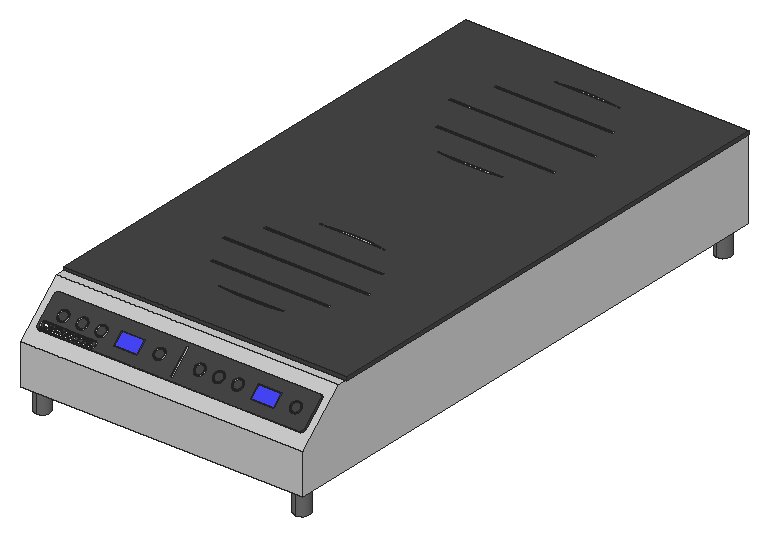
Revit family "QF_ADVENTYS_GL2_5000_F_250902075326", category Specialty Equipment, Revit 2021
Family settings
  Round Connector Dimension = Use Diameter
  Part Type = Normal
  OmniClass Number = 23.40.40.14
  OmniClass Title = Food Service Equipment
  Work Plane-Based = No
  Always vertical = Yes
  Cut with Voids When Loaded = No
  Shared = No
  Room Calculation Point = No
Parameters (values of type "ADV1620")
  Weight in Pounds [instance] = 0
  Weight = 12.00 kg
  Warranty Start Date [instance] = ""
  Warranty Duration [instance] = ""
  Volts [instance] = 230 V
  URL Recommended Spares List = ""
  URL Manufacturer = ""
  URL Cutsheet = ""
  URL Critical Spares List = ""
  URL = "www.adventys.com"
  Tag Number [instance] = ""
  Status [instance] = ""
  Specification by User [instance] = ""
  Specification by Manufacturer [instance] = ""
  Sound Level [instance] = ""
  Solid Fuel Type [instance] = ""
  Service Life Duration [instance] = ""
  Serial Number [instance] = ""
  Seismic Rating [instance] = ""
  SMACNA No [instance] = ""
  Revision Code [instance] = ""
  Revision [instance] = ""
  Production Year [instance] = ""
  Point Load [instance] = 0
  Phase [instance] = 1
  Other Equipment Approvals [instance] = ""
  Number of Poles [instance] = 2
  NAFEM Spec ID Number [instance] = ""
  Model Warning [instance] = ""
  Model = "GL2 5000 F"
  Min Ckt Ampacity [instance] = 0 A
  Max Overcurrent Protection [instance] = 25 A
  Masterspec [instance] = ""
  Manufacturer = "ADVENTYS"
  Length Actual = 370 mm
  Item Number [instance] = ""
  Installed By [instance] = ""
  Installation Date [instance] = ""
  Identify Quantity as Lot [instance] = no
  ID [instance] = ""
  Hygiene Approval [instance] = ""
  Hot Water Consumption = 0.0 L/s
  Height Actual = 139 mm
  HP power [instance] = ""
  Furnished By [instance] = ""
  Foodservice Equipment Identifier [instance] = no
  FL Amps [instance] = 22 A
  Electrical Remarks [instance] = "Plug not included"
  Electric power [instance] = 0 W
  Electric Connection Type [instance] = "Cord&Plug"
  Elec Conn RI Height [instance] = 0 mm
  Elec Conn Connection Height [instance] = 0 mm
  ETL Approved [instance] = no
  Description = "FREE-STANDING INDUCTION HOB TWO ZONE"
  Depth Actual = 730 mm
  Default Elevation = 0 mm
  Cycle [instance] = 50 Hz
  Cost = 2035
  Conn Plug [instance] = ""
  Conn Conduit [instance] = no
  CSI MasterFormat [instance] = ""
  CE Approved [instance] = no
  Barcode [instance] = 0
  Author [instance] = ""
  Asset Identifier [instance] = ""
  Apparent Power [instance] = 5000 VA
  Accessory = no
Reference planes
  plane 1 "Center (Front/Back)": y = 0
  plane 2: z = 0
  plane 3 "Center (Left/Right)": x = 0
Forms (mm)
  Extrusion 1, solid, not visible
    sketch origin (55.003, -404.02, 32.002) x (1, 0, 0) y (0, 1, 0)
      loop
        line (-2, 2) -> (-2, -2) -> (2, -2) -> (2, 2) -> (-2, 2)
    from -2 to 2
Dimensions and locks
  locked: nested 2 to Extrusion 1 at 2  (x2)
  aligned and locked: level to plane 2
Nested families
  nested 1: "QF_ADVENTYS_ADV1620_2916" at (0, 0, 0), type "ADV1620"
    with Status "", Show Logo yes, Show Clearance yes
  nested 2: "CONN_POINT_ELE_2D___Generic_Annotation" at (55.003, -404.02, 30.001), type "CONN_POINT_ELE_2D___Generic_Annotation"
    with Onboard connection annotation symbol visibility yes
Connectors
  electrical at (55.003, -404.02, 30.001), driven by "Apparent Power", driven by "Number of Poles", driven by "Volts"
    settings: on Extrusion 1, index 1, voltage 230 V, apparent load 0 VA, apparent load phase1 5000 VA, apparent load phase2 0 VA, apparent load phase3 0 VA, power factor 1, load classification "Other", number of poles 2, system type 31, power factor state 1, is connector primary yes, connector utility no, sub classification motor no, connector description "Electrical connection for GL2 5000 F"
Definition of nested family "QF_ADVENTYS_ADV1620_2916"
  Parameters (values of type "ADV1620")
    URL = "www.adventys.com"
    Status [instance] = ""
    Show Logo [instance] = yes
    Show Clearance [instance] = yes
    Model = "GL2 5000 F"
    Manufacturer = "ADVENTYS"
    Description = "FREE-STANDING INDUCTION HOB TWO ZONE"
    Default Elevation = 0 mm
    Author = "SPECIFI"
    Assembly Code = "E1090320"
  Reference planes
    plane 1 "Back": y = 0
    plane 2: z = 0
    plane 3 "Left": x = 0
    plane 4 "Right": x = 369.825
    plane 5 "Front": y = -730.05
    plane 6 "Top": z = 110
  Forms (mm)
    Extrusion 1, solid
      sketch origin (0, 595, 0) x (0, 1, 0) y (0, 0, 1)
        loop
          line (-1325.05, 30) -> (-595, 30) -> (-595, 135) -> (-1235, 135) -> (-1265, 135) -> (-1325.05, 82.799) -> (-1325.05, 30)
      from 0 to 369.825
    Extrusion 2, solid
      sketch origin (0, 595, 0) x (1, 0, 0) y (0, 1, 0)
        loop
          line (0, -1253.043) -> (369.825, -1253.043) -> (369.825, -595) -> (0, -595) -> (0, -1253.043)
        loop
          line (149.048, -1020.428) -> (234.048, -1020.428)
          arc (234.048, -1020.428) -> (210.786, -1017.265) -> (187.31, -1017.081) r 184.556
          arc (187.31, -1017.081) -> (168.08, -1017.615) -> (149.048, -1020.428) r 161.697
        loop
          line (264.181, -1060.585) -> (110, -1060.585) -> (110, -1063.011) -> (264.181, -1063.011) -> (264.181, -1060.585)
        loop
          line (280.876, -1103.085) -> (90, -1103.085) -> (90, -1105.511) -> (280.876, -1105.511) -> (280.876, -1103.085)
        loop
          line (264.181, -1148.085) -> (110, -1148.085) -> (110, -1150.511) -> (264.181, -1150.511) -> (264.181, -1148.085)
        loop
          line (234.048, -1185.831) -> (149.048, -1185.831)
          arc (149.048, -1185.831) -> (172.311, -1188.994) -> (195.787, -1189.178) r 184.556
          arc (195.787, -1189.178) -> (215.017, -1188.645) -> (234.048, -1185.831) r 161.697
        loop
          arc (149.048, -827.081) -> (172.311, -830.244) -> (195.787, -830.428) r 184.556
          arc (195.787, -830.428) -> (215.017, -829.895) -> (234.048, -827.081) r 161.697
          line (234.048, -827.081) -> (149.048, -827.081)
        loop
          line (115, -788.011) -> (269.181, -788.011) -> (269.181, -785.585) -> (115, -785.585) -> (115, -788.011)
        loop
          line (90, -735.511) -> (280.876, -735.511) -> (280.876, -733.085) -> (90, -733.085) -> (90, -735.511)
        loop
          line (110, -685.511) -> (264.181, -685.511) -> (264.181, -683.085) -> (110, -683.085) -> (110, -685.511)
        loop
          line (151.548, -639.178) -> (236.548, -639.178)
          arc (236.548, -639.178) -> (213.286, -636.015) -> (189.81, -635.831) r 184.556
          arc (189.81, -635.831) -> (170.58, -636.365) -> (151.548, -639.178) r 161.697
      from 135 to 139.3
    Revolve 3, solid
      sketch origin (15, 587.5, 0) x (0, 1, 0) y (0, 0, 1)
        loop
          line (-1300.05, 30) -> (-1300.05, 0) -> (-1290.05, 0) -> (-1290.05, 30) -> (-1300.05, 30)
        axis (-1300.05, 30) -> (-1300.05, 0)
      angle from 0 to 360
    Revolve 4, solid
      sketch origin (355, 587.5, 0) x (0, 1, 0) y (0, 0, 1)
        loop
          line (-1300.05, 30) -> (-1300.05, 0) -> (-1290.05, 0) -> (-1290.05, 30) -> (-1300.05, 30)
        axis (-1300.05, 30) -> (-1300.05, 0)
      angle from 0 to 360
    Revolve 5, solid
      sketch origin (355, 1277.5, 0) x (0, 1, 0) y (0, 0, 1)
        loop
          line (-1300.05, 30) -> (-1300.05, 0) -> (-1290.05, 0) -> (-1290.05, 30) -> (-1300.05, 30)
        axis (-1300.05, 30) -> (-1300.05, 0)
      angle from 0 to 360
    Revolve 6, solid
      sketch origin (15, 1277.5, 0) x (0, 1, 0) y (0, 0, 1)
        loop
          line (-1300.05, 30) -> (-1300.05, 0) -> (-1290.05, 0) -> (-1290.05, 30) -> (-1300.05, 30)
        axis (-1300.05, 30) -> (-1300.05, 0)
      angle from 0 to 360
    Extrusion 7, solid
      sketch origin (0, 595, 0) x (0, 1, 0) y (0, 0, 1)
        loop
          line (-635, 30) -> (-752.168, 30) -> (-720, 15) -> (-635, 15) -> (-635, 30)
      from 52.846 to 318.58
    Extrusion 8, solid
      sketch origin (0, 595, 0) x (0, 1, 0) y (0, 0, 1)
        loop
          line (-880, 30) -> (-1005, 30) -> (-1005, 20) -> (-880, 20) -> (-880, 30)
      from 73.72 to 300.835
    Extrusion 9, solid
      sketch origin (0, 595, 0) x (0, 1, 0) y (0, 0, 1)
        loop
          line (-1285.05, 30) -> (-1285.05, 20) -> (-1125.05, 20) -> (-1125.05, 30) -> (-1285.05, 30)
      from 73.72 to 300.835
    Extrusion 10, solid
      sketch origin (0, 595, 0) x (1, 0, 0) y (0, 1, 0)
        loop
          circle (55, -999.55) r 17.001
      from 30 to 41.127
    Extrusion 11, solid
      sketch origin (0, 595, 0) x (1, 0, 0) y (0, 1, 0)
        loop
          arc (236.548, -639.178) -> (213.286, -636.015) -> (189.81, -635.831) r 184.556
          arc (189.81, -635.831) -> (170.58, -636.365) -> (151.548, -639.178) r 161.697
          line (151.548, -639.178) -> (236.548, -639.178)
        loop
          line (264.181, -685.511) -> (264.181, -683.085) -> (110, -683.085) -> (110, -685.511) -> (264.181, -685.511)
        loop
          line (280.876, -733.085) -> (90, -733.085) -> (90, -735.511) -> (280.876, -735.511) -> (280.876, -733.085)
        loop
          line (115, -788.011) -> (269.181, -788.011) -> (269.181, -785.585) -> (115, -785.585) -> (115, -788.011)
        loop
          arc (149.048, -827.081) -> (172.311, -830.244) -> (195.787, -830.428) r 184.556
          arc (195.787, -830.428) -> (215.017, -829.895) -> (234.048, -827.081) r 161.697
          line (234.048, -827.081) -> (149.048, -827.081)
        loop
          arc (234.048, -1020.428) -> (210.786, -1017.265) -> (187.31, -1017.081) r 184.556
          arc (187.31, -1017.081) -> (168.08, -1017.615) -> (149.048, -1020.428) r 161.697
          line (149.048, -1020.428) -> (234.048, -1020.428)
        loop
          line (264.181, -1063.011) -> (264.181, -1060.585) -> (110, -1060.585) -> (110, -1063.011) -> (264.181, -1063.011)
        loop
          line (280.876, -1103.085) -> (90, -1103.085) -> (90, -1105.511) -> (280.876, -1105.511) -> (280.876, -1103.085)
        loop
          line (110, -1150.511) -> (264.181, -1150.511) -> (264.181, -1148.085) -> (110, -1148.085) -> (110, -1150.511)
        loop
          line (234.048, -1185.831) -> (149.048, -1185.831)
          arc (149.048, -1185.831) -> (172.311, -1188.994) -> (195.787, -1189.178) r 184.556
          arc (195.787, -1189.178) -> (215.017, -1188.645) -> (234.048, -1185.831) r 161.697
      from 135 to 139.3
    Extrusion 12, solid
      sketch origin (-82.5, -344.627, 228.366) x (1, 0, 0) y (0, 0.75471, 0.656059)
        loop
          arc (97.5, -323.032) -> (93.964, -324.496) -> (92.5, -328.032) r 5
          line (92.5, -328.032) -> (92.5, -363.032)
          arc (92.5, -363.032) -> (93.964, -366.568) -> (97.5, -368.032) r 5
          line (97.5, -368.032) -> (437.325, -368.032)
          arc (437.325, -368.032) -> (440.861, -366.568) -> (442.325, -363.032) r 5
          line (442.325, -363.032) -> (442.325, -328.032)
          arc (442.325, -328.032) -> (440.861, -324.496) -> (437.325, -323.032) r 5
          line (437.325, -323.032) -> (97.5, -323.032)
        loop
          circle (140.135, -345.532) r 6
        loop
          circle (140.135, -345.532) r 7
        loop
          circle (165.135, -345.532) r 7
        loop
          circle (165.135, -345.532) r 6
        loop
          circle (241.135, -345.532) r 6
        loop
          circle (241.135, -345.532) r 7
        loop
          line (217.417, -337.336) -> (187.417, -337.336) -> (187.417, -354.836) -> (217.417, -354.836) -> (217.417, -337.336)
        loop
          circle (115.135, -345.532) r 6
        loop
          circle (115.135, -345.532) r 7
        loop
          circle (318.885, -345.532) r 6
        loop
          circle (318.885, -345.532) r 7
        loop
          circle (343.885, -345.532) r 7
        loop
          circle (343.885, -345.532) r 6
        loop
          circle (419.885, -345.532) r 6
        loop
          circle (419.885, -345.532) r 7
        loop
          line (396.167, -337.336) -> (366.167, -337.336) -> (366.167, -354.836) -> (396.167, -354.836) -> (396.167, -337.336)
        loop
          circle (293.885, -345.532) r 6
        loop
          circle (293.885, -345.532) r 7
        loop
          line (268.413, -328.032) -> (266.413, -328.032) -> (266.413, -363.032) -> (268.413, -363.032) -> (268.413, -328.032)
      from 143 to 145
    Extrusion 13, solid
      sketch origin (-57.5, -344.627, 228.366) x (1, 0, 0) y (0, 0.75471, 0.656059)
        loop
          circle (216.135, -345.532) r 6
        loop
          circle (216.135, -345.532) r 7
        loop
          circle (90.135, -345.532) r 6
        loop
          circle (115.135, -345.532) r 6
        loop
          circle (90.135, -345.532) r 7
        loop
          circle (115.135, -345.532) r 7
        loop
          circle (140.135, -345.532) r 6
        loop
          circle (140.135, -345.532) r 7
        loop
          line (241.413, -328.032) -> (241.413, -363.032) -> (243.413, -363.032) -> (243.413, -328.032) -> (241.413, -328.032)
        loop
          circle (394.885, -345.532) r 6
        loop
          circle (394.885, -345.532) r 7
        loop
          circle (268.885, -345.532) r 6
        loop
          circle (293.885, -345.532) r 6
        loop
          circle (268.885, -345.532) r 7
        loop
          circle (293.885, -345.532) r 7
        loop
          circle (318.885, -345.532) r 6
        loop
          circle (318.885, -345.532) r 7
      from 143 to 145
    Extrusion 14, solid, visible <- "Show Logo"
      sketch origin (-70.73, -276.786, 245.243) x (1, 0, 0) y (0, 0.75471, 0.656059)
        loop
          arc (88.7, -421.254) -> (88.222, -421.452) -> (88.024, -421.93) r 0.676
          line (88.024, -421.93) -> (88.024, -423.602)
          arc (88.024, -423.602) -> (88.232, -424.091) -> (88.729, -424.278) r 0.676
          line (88.729, -424.278) -> (88.729, -423.012)
          arc (88.729, -423.012) -> (89.079, -422.316) -> (89.806, -422.035) r 1.082
          line (89.806, -422.035) -> (92.693, -422.035)
          arc (92.693, -422.035) -> (92.539, -421.491) -> (92.025, -421.254) r 0.676
          line (92.025, -421.254) -> (88.7, -421.254)
        loop
          arc (88.7, -420.848) -> (87.935, -421.165) -> (87.618, -421.93) r 1.082
          line (87.618, -421.93) -> (87.618, -423.602)
          arc (87.618, -423.602) -> (87.945, -424.378) -> (88.729, -424.684) r 1.082
          arc (88.729, -424.684) -> (89.006, -425.518) -> (89.811, -425.871) r 1.082
          arc (89.811, -425.871) -> (90.124, -426.642) -> (90.893, -426.963) r 1.082
          line (90.893, -426.963) -> (93.953, -426.963)
          arc (93.953, -426.963) -> (94.718, -426.646) -> (95.035, -425.881) r 1.082
          line (95.035, -425.881) -> (95.035, -424.315)
          arc (95.035, -424.315) -> (94.714, -423.546) -> (93.942, -423.233) r 1.082
          arc (93.942, -423.233) -> (93.745, -422.485) -> (93.099, -422.06) r 1.082
          arc (93.099, -422.06) -> (92.835, -421.213) -> (92.025, -420.848) r 1.082
          line (92.025, -420.848) -> (88.7, -420.848)
        loop
          arc (93.953, -426.557) -> (94.431, -426.359) -> (94.629, -425.881) r 0.676
          line (94.629, -425.881) -> (94.629, -424.315)
          arc (94.629, -424.315) -> (94.43, -423.835) -> (93.948, -423.638) r 0.676
          line (93.948, -423.638) -> (93.948, -424.789)
          arc (93.948, -424.789) -> (93.631, -425.554) -> (92.866, -425.871) r 1.082
          line (92.866, -425.871) -> (90.216, -425.871)
          arc (90.216, -425.871) -> (90.411, -426.355) -> (90.893, -426.557) r 0.676
          line (90.893, -426.557) -> (93.953, -426.557)
        loop
          arc (95.821, -425.184) -> (95.863, -425.723) -> (96.404, -425.709) r 0.393
          line (96.404, -425.709) -> (97.15, -424.963) -> (100.112, -424.963) -> (100.858, -425.709)
          arc (100.858, -425.709) -> (101.399, -425.723) -> (101.441, -425.184) r 0.393
          line (101.441, -425.184) -> (98.631, -421.714) -> (95.821, -425.184)
        loop
          line (98.631, -423.109) -> (97.68, -424.283) -> (99.582, -424.283) -> (98.631, -423.109)
        loop
          line (102.743, -421.78) -> (102.743, -425.773) -> (106.505, -425.773)
          arc (106.505, -425.773) -> (108.501, -423.776) -> (106.505, -421.78) r 1.997
          line (106.505, -421.78) -> (102.743, -421.78)
        loop
          line (106.505, -422.83) -> (103.793, -422.83) -> (103.793, -424.722) -> (106.505, -424.722)
          arc (106.505, -424.722) -> (107.451, -423.776) -> (106.505, -422.83) r 0.946
        loop
          arc (110.437, -422.011) -> (109.896, -421.997) -> (109.854, -422.536) r 0.393
          line (109.854, -422.536) -> (112.664, -426.006) -> (115.474, -422.536)
          arc (115.474, -422.536) -> (115.432, -421.997) -> (114.891, -422.011) r 0.393
          line (114.891, -422.011) -> (112.664, -424.762) -> (110.437, -422.011)
        loop
          line (122.122, -421.733) -> (116.807, -421.733) -> (116.807, -425.773) -> (122.122, -425.773)
          arc (122.122, -425.773) -> (122.533, -425.362) -> (122.122, -424.952) r 0.41
          line (122.122, -424.952) -> (117.728, -424.952) -> (117.728, -424.143) -> (122.122, -424.143)
          arc (122.122, -424.143) -> (122.494, -423.772) -> (122.122, -423.401) r 0.371
          line (122.122, -423.401) -> (117.728, -423.401) -> (117.728, -422.553) -> (122.122, -422.553)
          arc (122.122, -422.553) -> (122.533, -422.143) -> (122.122, -421.733) r 0.41
        loop
          line (123.768, -422.295) -> (123.768, -425.304)
          arc (123.768, -425.304) -> (124.205, -425.74) -> (124.641, -425.304) r 0.437
          line (124.641, -425.304) -> (124.641, -423.104) -> (128.532, -425.535)
          arc (128.532, -425.535) -> (129.163, -425.551) -> (129.483, -425.008) r 0.622
          line (129.483, -425.008) -> (129.483, -422.216)
          arc (129.483, -422.216) -> (129.023, -421.756) -> (128.563, -422.216) r 0.46
          line (128.563, -422.216) -> (128.563, -424.346) -> (124.57, -421.851)
          arc (124.57, -421.851) -> (124.038, -421.837) -> (123.768, -422.295) r 0.524
        loop
          arc (131.328, -421.811) -> (130.822, -422.316) -> (131.328, -422.822) r 0.506
          line (131.328, -422.822) -> (133.16, -422.822) -> (133.16, -425.108)
          arc (133.16, -425.108) -> (133.647, -425.594) -> (134.133, -425.108) r 0.486
          line (134.133, -425.108) -> (134.133, -422.822) -> (135.879, -422.822)
          arc (135.879, -422.822) -> (136.384, -422.316) -> (135.879, -421.811) r 0.506
          line (135.879, -421.811) -> (131.328, -421.811)
        loop
          line (140.723, -423.158) -> (138.718, -421.806)
          arc (138.718, -421.806) -> (138.039, -421.938) -> (138.171, -422.617) r 0.489
          line (138.171, -422.617) -> (140.176, -423.97) -> (140.176, -425.134)
          arc (140.176, -425.134) -> (140.723, -425.682) -> (141.27, -425.134) r 0.547
          line (141.27, -425.134) -> (141.27, -423.97) -> (143.275, -422.617)
          arc (143.275, -422.617) -> (143.407, -421.938) -> (142.728, -421.806) r 0.489
          line (142.728, -421.806) -> (140.723, -423.158)
        loop
          line (149.966, -421.811) -> (146.176, -421.811)
          arc (146.176, -421.811) -> (145.017, -422.97) -> (146.176, -424.129) r 1.159
          line (146.176, -424.129) -> (149.302, -424.129)
          arc (149.302, -424.129) -> (149.724, -424.551) -> (149.302, -424.973) r 0.422
          line (149.302, -424.973) -> (145.494, -424.973)
          arc (145.494, -424.973) -> (145.145, -425.323) -> (145.494, -425.672) r 0.349
          line (145.494, -425.672) -> (149.676, -425.672)
          arc (149.676, -425.672) -> (150.47, -424.404) -> (149.336, -423.429) r 1.147
          line (149.336, -423.429) -> (146.116, -423.429)
          arc (146.116, -423.429) -> (145.656, -422.969) -> (146.116, -422.509) r 0.46
          line (146.116, -422.509) -> (149.966, -422.509)
          arc (149.966, -422.509) -> (150.315, -422.16) -> (149.966, -421.811) r 0.349
        loop
          arc (87.536, -420.077) -> (83.683, -423.931) -> (87.536, -427.784) r 3.853
          line (87.536, -427.784) -> (151.604, -427.784)
          arc (151.604, -427.784) -> (155.457, -423.931) -> (151.604, -420.077) r 3.853
          line (151.604, -420.077) -> (87.536, -420.077)
        loop
          arc (87.536, -419.677) -> (83.283, -423.931) -> (87.536, -428.184) r 4.253
          line (87.536, -428.184) -> (151.604, -428.184)
          arc (151.604, -428.184) -> (155.857, -423.931) -> (151.604, -419.677) r 4.253
          line (151.604, -419.677) -> (87.536, -419.677)
      from 176.77 to 176.97
    Extrusion 15, solid
      sketch origin (12.522, -344.627, 228.366) x (1, 0, 0) y (0, 0.75471, 0.656059)
        loop
          line (92.395, -337.336) -> (92.395, -354.836) -> (122.395, -354.836) -> (122.395, -337.336) -> (92.395, -337.336)
      from 143 to 145
    Extrusion 16, solid
      sketch origin (191.272, -344.627, 228.366) x (1, 0, 0) y (0, 0.75471, 0.656059)
        loop
          line (92.395, -337.336) -> (92.395, -354.836) -> (122.395, -354.836) -> (122.395, -337.336) -> (92.395, -337.336)
      from 143 to 145
  Lines and regions (mm)
    symbolic lines
      curve 1: line (0, 0, 0) -> (369.825, 0, 0)
      curve 2: line (369.825, 0, 0) -> (369.825, -730.05, 0)
      curve 3: line (369.825, -730.05, 0) -> (0, -730.05, 0)
      curve 4: line (0, -730.05, 0) -> (0, 0, 0)
      curve 5: line (0, -670, 0) -> (369.825, -670, 0)
      curve 6: line (0, -658.043, 0) -> (369.825, -658.043, 0)
      curve 7: line (234.048, -590.831, 0) -> (149.048, -590.831, 0)
      curve 8: arc (149.048, -590.831, 0) -> (172.311, -593.994, 0) -> (195.787, -594.178, 0) r 184.556
      curve 9: arc (195.787, -594.178, 0) -> (215.017, -593.645, 0) -> (234.048, -590.831, 0) r 161.697
      curve 10: line (110, -555.511, 0) -> (264.181, -555.511, 0)
      curve 11: line (264.181, -553.085, 0) -> (110, -553.085, 0)
      curve 12: line (264.181, -555.511, 0) -> (264.181, -553.085, 0)
      curve 13: line (110, -553.085, 0) -> (110, -555.511, 0)
      curve 14: line (280.876, -508.085, 0) -> (90, -508.085, 0)
      curve 15: line (90, -508.085, 0) -> (90, -510.511, 0)
      curve 16: line (280.876, -510.511, 0) -> (280.876, -508.085, 0)
      curve 17: line (90, -510.511, 0) -> (280.876, -510.511, 0)
      curve 18: line (110, -468.011, 0) -> (264.181, -468.011, 0)
      curve 19: line (264.181, -468.011, 0) -> (264.181, -465.585, 0)
      curve 20: line (264.181, -465.585, 0) -> (110, -465.585, 0)
      curve 21: line (110, -465.585, 0) -> (110, -468.011, 0)
      curve 22: line (149.048, -425.428, 0) -> (234.048, -425.428, 0)
      curve 23: arc (187.31, -422.081, 0) -> (168.08, -422.615, 0) -> (149.048, -425.428, 0) r 161.697
      curve 24: arc (234.048, -425.428, 0) -> (210.786, -422.265, 0) -> (187.31, -422.081, 0) r 184.556
      curve 25: arc (149.048, -232.081, 0) -> (172.311, -235.244, 0) -> (195.787, -235.428, 0) r 184.556
      curve 26: arc (195.787, -235.428, 0) -> (215.017, -234.895, 0) -> (234.048, -232.081, 0) r 161.697
      curve 27: line (234.048, -232.081, 0) -> (149.048, -232.081, 0)
      curve 28: line (115, -193.011, 0) -> (269.181, -193.011, 0)
      curve 29: line (115, -190.585, 0) -> (115, -193.011, 0)
      curve 30: line (269.181, -190.585, 0) -> (115, -190.585, 0)
      curve 31: line (269.181, -193.011, 0) -> (269.181, -190.585, 0)
      curve 32: line (90, -140.511, 0) -> (280.876, -140.511, 0)
      curve 33: line (280.876, -138.085, 0) -> (90, -138.085, 0)
      curve 34: line (280.876, -140.511, 0) -> (280.876, -138.085, 0)
      curve 35: line (90, -138.085, 0) -> (90, -140.511, 0)
      curve 36: line (110, -90.511, 0) -> (264.181, -90.511, 0)
      curve 37: line (110, -88.085, 0) -> (110, -90.511, 0)
      curve 38: line (264.181, -88.085, 0) -> (110, -88.085, 0)
      curve 39: line (264.181, -90.511, 0) -> (264.181, -88.085, 0)
      curve 40: line (151.548, -44.178, 0) -> (236.548, -44.178, 0)
      curve 41: arc (236.548, -44.178, 0) -> (213.286, -41.015, 0) -> (189.81, -40.831, 0) r 184.556
      curve 42: arc (189.81, -40.831, 0) -> (170.58, -41.365, 0) -> (151.548, -44.178, 0) r 161.697
      curve 43: spline (15, -683.551, 0) -> (14.347, -683.583, 0) -> (13.706, -683.679, 0) -> (13.087, -683.838, 0) -> (12.5, -684.056, 0) -> (11.956, -684.331, 0) -> (11.464, -684.656, 0) -> (11.033, -685.027, 0) -> (10.67, -685.438, 0) -> (10.381, -685.88, 0) -> (10.17, -686.348, 0) -> (10.043, -686.832, 0) -> (10, -687.324, 0)
      curve 44: line (10, -687.324, 0) -> (10, -713.739, 0)
      curve 45: spline (10, -713.739, 0) -> (10.043, -714.232, 0) -> (10.17, -714.716, 0) -> (10.381, -715.183, 0) -> (10.67, -715.626, 0) -> (11.033, -716.036, 0) -> (11.464, -716.408, 0) -> (11.956, -716.733, 0) -> (12.5, -717.007, 0) -> (13.087, -717.226, 0) -> (13.706, -717.384, 0) -> (14.347, -717.481, 0) -> (15, -717.513, 0)
      curve 46: line (15, -717.513, 0) -> (354.825, -717.513, 0)
      curve 47: line (354.825, -683.551, 0) -> (15, -683.551, 0)
      curve 48: spline (359.825, -687.324, 0) -> (359.783, -686.832, 0) -> (359.655, -686.348, 0) -> (359.445, -685.88, 0) -> (359.156, -685.438, 0) -> (358.792, -685.027, 0) -> (358.361, -684.656, 0) -> (357.869, -684.331, 0) -> (357.325, -684.056, 0) -> (356.739, -683.838, 0) -> (356.12, -683.679, 0) -> (355.478, -683.583, 0) -> (354.825, -683.551, 0)
      curve 49: line (359.825, -713.739, 0) -> (359.825, -687.324, 0)
      curve 50: spline (354.825, -717.513, 0) -> (355.478, -717.481, 0) -> (356.12, -717.384, 0) -> (356.739, -717.226, 0) -> (357.325, -717.007, 0) -> (357.869, -716.733, 0) -> (358.361, -716.408, 0) -> (358.792, -716.036, 0) -> (359.156, -715.626, 0) -> (359.445, -715.183, 0) -> (359.655, -714.716, 0) -> (359.783, -714.232, 0) -> (359.825, -713.739, 0)
      curve 51: spline (344.385, -700.532, 0) -> (344.146, -699.164, 0) -> (343.447, -697.89, 0) -> (342.334, -696.796, 0) -> (340.885, -695.957, 0) -> (339.196, -695.429, 0) -> (337.385, -695.249, 0) -> (335.573, -695.429, 0) -> (333.885, -695.957, 0) -> (332.435, -696.796, 0) -> (331.322, -697.89, 0) -> (330.623, -699.164, 0) -> (330.385, -700.532, 0)
      curve 52: spline (330.385, -700.532, 0) -> (330.623, -701.899, 0) -> (331.322, -703.173, 0) -> (332.435, -704.267, 0) -> (333.885, -705.107, 0) -> (335.573, -705.635, 0) -> (337.385, -705.815, 0) -> (339.196, -705.635, 0) -> (340.885, -705.107, 0) -> (342.334, -704.267, 0) -> (343.447, -703.173, 0) -> (344.146, -701.899, 0) -> (344.385, -700.532, 0)
      curve 53: spline (343.385, -700.532, 0) -> (343.18, -699.36, 0) -> (342.581, -698.268, 0) -> (341.627, -697.33, 0) -> (340.385, -696.61, 0) -> (338.938, -696.158, 0) -> (337.385, -696.004, 0) -> (335.832, -696.158, 0) -> (334.385, -696.61, 0) -> (333.142, -697.33, 0) -> (332.188, -698.268, 0) -> (331.589, -699.36, 0) -> (331.385, -700.532, 0)
      curve 54: spline (343.385, -700.532, 0) -> (343.18, -701.704, 0) -> (342.581, -702.796, 0) -> (341.627, -703.734, 0) -> (340.385, -704.453, 0) -> (338.938, -704.906, 0) -> (337.385, -705.06, 0) -> (335.832, -704.906, 0) -> (334.385, -704.453, 0) -> (333.142, -703.734, 0) -> (332.188, -702.796, 0) -> (331.589, -701.704, 0) -> (331.385, -700.532, 0)
      curve 55: line (313.667, -707.554, 0) -> (313.667, -694.346, 0)
      curve 56: line (313.667, -694.346, 0) -> (283.667, -694.346, 0)
      curve 57: line (283.667, -694.346, 0) -> (283.667, -707.554, 0)
      curve 58: line (283.667, -707.554, 0) -> (313.667, -707.554, 0)
      curve 59: spline (268.385, -700.532, 0) -> (268.146, -699.164, 0) -> (267.447, -697.89, 0) -> (266.334, -696.796, 0) -> (264.885, -695.957, 0) -> (263.196, -695.429, 0) -> (261.385, -695.249, 0) -> (259.573, -695.429, 0) -> (257.885, -695.957, 0) -> (256.435, -696.796, 0) -> (255.322, -697.89, 0) -> (254.623, -699.164, 0) -> (254.385, -700.532, 0)
      curve 60: spline (255.385, -700.532, 0) -> (255.589, -699.36, 0) -> (256.188, -698.268, 0) -> (257.142, -697.33, 0) -> (258.385, -696.61, 0) -> (259.832, -696.158, 0) -> (261.385, -696.004, 0) -> (262.938, -696.158, 0) -> (264.385, -696.61, 0) -> (265.627, -697.33, 0) -> (266.581, -698.268, 0) -> (267.18, -699.36, 0) -> (267.385, -700.532, 0)
      curve 61: spline (267.385, -700.532, 0) -> (267.18, -701.704, 0) -> (266.581, -702.796, 0) -> (265.627, -703.734, 0) -> (264.385, -704.453, 0) -> (262.938, -704.906, 0) -> (261.385, -705.06, 0) -> (259.832, -704.906, 0) -> (258.385, -704.453, 0) -> (257.142, -703.734, 0) -> (256.188, -702.796, 0) -> (255.589, -701.704, 0) -> (255.385, -700.532, 0)
      curve 62: spline (254.385, -700.532, 0) -> (254.623, -701.899, 0) -> (255.322, -703.173, 0) -> (256.435, -704.267, 0) -> (257.885, -705.107, 0) -> (259.573, -705.635, 0) -> (261.385, -705.815, 0) -> (263.196, -705.635, 0) -> (264.885, -705.107, 0) -> (266.334, -704.267, 0) -> (267.447, -703.173, 0) -> (268.146, -701.899, 0) -> (268.385, -700.532, 0)
      curve 63: spline (243.385, -700.532, 0) -> (243.146, -699.164, 0) -> (242.447, -697.89, 0) -> (241.334, -696.796, 0) -> (239.885, -695.957, 0) -> (238.196, -695.429, 0) -> (236.385, -695.249, 0) -> (234.573, -695.429, 0) -> (232.885, -695.957, 0) -> (231.435, -696.796, 0) -> (230.322, -697.89, 0) -> (229.623, -699.164, 0) -> (229.385, -700.532, 0)
      curve 64: spline (230.385, -700.532, 0) -> (230.589, -699.36, 0) -> (231.188, -698.268, 0) -> (232.142, -697.33, 0) -> (233.385, -696.61, 0) -> (234.832, -696.158, 0) -> (236.385, -696.004, 0) -> (237.938, -696.158, 0) -> (239.385, -696.61, 0) -> (240.627, -697.33, 0) -> (241.581, -698.268, 0) -> (242.18, -699.36, 0) -> (242.385, -700.532, 0)
      curve 65: spline (230.385, -700.532, 0) -> (230.589, -701.704, 0) -> (231.188, -702.796, 0) -> (232.142, -703.734, 0) -> (233.385, -704.453, 0) -> (234.832, -704.906, 0) -> (236.385, -705.06, 0) -> (237.938, -704.906, 0) -> (239.385, -704.453, 0) -> (240.627, -703.734, 0) -> (241.581, -702.796, 0) -> (242.18, -701.704, 0) -> (242.385, -700.532, 0)
      curve 66: spline (229.385, -700.532, 0) -> (229.623, -701.899, 0) -> (230.322, -703.173, 0) -> (231.435, -704.267, 0) -> (232.885, -705.107, 0) -> (234.573, -705.635, 0) -> (236.385, -705.815, 0) -> (238.196, -705.635, 0) -> (239.885, -705.107, 0) -> (241.334, -704.267, 0) -> (242.447, -703.173, 0) -> (243.146, -701.899, 0) -> (243.385, -700.532, 0)
      curve 67: spline (218.385, -700.532, 0) -> (218.146, -699.164, 0) -> (217.447, -697.89, 0) -> (216.334, -696.796, 0) -> (214.885, -695.957, 0) -> (213.196, -695.429, 0) -> (211.385, -695.249, 0) -> (209.573, -695.429, 0) -> (207.885, -695.957, 0) -> (206.435, -696.796, 0) -> (205.322, -697.89, 0) -> (204.623, -699.164, 0) -> (204.385, -700.532, 0)
      curve 68: spline (205.385, -700.532, 0) -> (205.589, -699.36, 0) -> (206.188, -698.268, 0) -> (207.142, -697.33, 0) -> (208.385, -696.61, 0) -> (209.832, -696.158, 0) -> (211.385, -696.004, 0) -> (212.938, -696.158, 0) -> (214.385, -696.61, 0) -> (215.627, -697.33, 0) -> (216.581, -698.268, 0) -> (217.18, -699.36, 0) -> (217.385, -700.532, 0)
      curve 69: spline (204.385, -700.532, 0) -> (204.623, -701.899, 0) -> (205.322, -703.173, 0) -> (206.435, -704.267, 0) -> (207.885, -705.107, 0) -> (209.573, -705.635, 0) -> (211.385, -705.815, 0) -> (213.196, -705.635, 0) -> (214.885, -705.107, 0) -> (216.334, -704.267, 0) -> (217.447, -703.173, 0) -> (218.146, -701.899, 0) -> (218.385, -700.532, 0)
      curve 70: spline (217.385, -700.532, 0) -> (217.18, -701.704, 0) -> (216.581, -702.796, 0) -> (215.627, -703.734, 0) -> (214.385, -704.453, 0) -> (212.938, -704.906, 0) -> (211.385, -705.06, 0) -> (209.832, -704.906, 0) -> (208.385, -704.453, 0) -> (207.142, -703.734, 0) -> (206.188, -702.796, 0) -> (205.589, -701.704, 0) -> (205.385, -700.532, 0)
      curve 71: line (185.913, -713.739, 0) -> (185.913, -687.324, 0)
      curve 72: line (185.913, -687.324, 0) -> (183.913, -687.324, 0)
      curve 73: line (183.913, -687.324, 0) -> (183.913, -713.739, 0)
      curve 74: line (183.913, -713.739, 0) -> (185.913, -713.739, 0)
      curve 75: spline (165.635, -700.532, 0) -> (165.396, -699.164, 0) -> (164.697, -697.89, 0) -> (163.584, -696.796, 0) -> (162.135, -695.957, 0) -> (160.446, -695.429, 0) -> (158.635, -695.249, 0) -> (156.823, -695.429, 0) -> (155.135, -695.957, 0) -> (153.685, -696.796, 0) -> (152.572, -697.89, 0) -> (151.873, -699.164, 0) -> (151.635, -700.532, 0)
      curve 76: spline (151.635, -700.532, 0) -> (151.873, -701.899, 0) -> (152.572, -703.173, 0) -> (153.685, -704.267, 0) -> (155.135, -705.107, 0) -> (156.823, -705.635, 0) -> (158.635, -705.815, 0) -> (160.446, -705.635, 0) -> (162.135, -705.107, 0) -> (163.584, -704.267, 0) -> (164.697, -703.173, 0) -> (165.396, -701.899, 0) -> (165.635, -700.532, 0)
      curve 77: spline (164.635, -700.532, 0) -> (164.43, -699.36, 0) -> (163.831, -698.268, 0) -> (162.877, -697.33, 0) -> (161.635, -696.61, 0) -> (160.188, -696.158, 0) -> (158.635, -696.004, 0) -> (157.082, -696.158, 0) -> (155.635, -696.61, 0) -> (154.392, -697.33, 0) -> (153.438, -698.268, 0) -> (152.839, -699.36, 0) -> (152.635, -700.532, 0)
      curve 78: spline (152.635, -700.532, 0) -> (152.839, -701.704, 0) -> (153.438, -702.796, 0) -> (154.392, -703.734, 0) -> (155.635, -704.453, 0) -> (157.082, -704.906, 0) -> (158.635, -705.06, 0) -> (160.188, -704.906, 0) -> (161.635, -704.453, 0) -> (162.877, -703.734, 0) -> (163.831, -702.796, 0) -> (164.43, -701.704, 0) -> (164.635, -700.532, 0)
      curve 79: line (134.917, -694.346, 0) -> (104.917, -694.346, 0)
      curve 80: line (134.917, -707.554, 0) -> (134.917, -694.346, 0)
      curve 81: line (104.917, -707.554, 0) -> (134.917, -707.554, 0)
      curve 82: line (104.917, -694.346, 0) -> (104.917, -707.554, 0)
      curve 83: spline (89.635, -700.532, 0) -> (89.396, -699.164, 0) -> (88.697, -697.89, 0) -> (87.584, -696.796, 0) -> (86.135, -695.957, 0) -> (84.446, -695.429, 0) -> (82.635, -695.249, 0) -> (80.823, -695.429, 0) -> (79.135, -695.957, 0) -> (77.685, -696.796, 0) -> (76.572, -697.89, 0) -> (75.873, -699.164, 0) -> (75.635, -700.532, 0)
      curve 84: spline (76.635, -700.532, 0) -> (76.839, -699.36, 0) -> (77.438, -698.268, 0) -> (78.392, -697.33, 0) -> (79.635, -696.61, 0) -> (81.082, -696.158, 0) -> (82.635, -696.004, 0) -> (84.188, -696.158, 0) -> (85.635, -696.61, 0) -> (86.877, -697.33, 0) -> (87.831, -698.268, 0) -> (88.43, -699.36, 0) -> (88.635, -700.532, 0)
      curve 85: spline (76.635, -700.532, 0) -> (76.839, -701.704, 0) -> (77.438, -702.796, 0) -> (78.392, -703.734, 0) -> (79.635, -704.453, 0) -> (81.082, -704.906, 0) -> (82.635, -705.06, 0) -> (84.188, -704.906, 0) -> (85.635, -704.453, 0) -> (86.877, -703.734, 0) -> (87.831, -702.796, 0) -> (88.43, -701.704, 0) -> (88.635, -700.532, 0)
      curve 86: spline (75.635, -700.532, 0) -> (75.873, -701.899, 0) -> (76.572, -703.173, 0) -> (77.685, -704.267, 0) -> (79.135, -705.107, 0) -> (80.823, -705.635, 0) -> (82.635, -705.815, 0) -> (84.446, -705.635, 0) -> (86.135, -705.107, 0) -> (87.584, -704.267, 0) -> (88.697, -703.173, 0) -> (89.396, -701.899, 0) -> (89.635, -700.532, 0)
      curve 87: spline (64.635, -700.532, 0) -> (64.396, -699.164, 0) -> (63.697, -697.89, 0) -> (62.584, -696.796, 0) -> (61.135, -695.957, 0) -> (59.446, -695.429, 0) -> (57.635, -695.249, 0) -> (55.823, -695.429, 0) -> (54.135, -695.957, 0) -> (52.685, -696.796, 0) -> (51.572, -697.89, 0) -> (50.873, -699.164, 0) -> (50.635, -700.532, 0)
      curve 88: spline (51.635, -700.532, 0) -> (51.839, -699.36, 0) -> (52.438, -698.268, 0) -> (53.392, -697.33, 0) -> (54.635, -696.61, 0) -> (56.082, -696.158, 0) -> (57.635, -696.004, 0) -> (59.188, -696.158, 0) -> (60.635, -696.61, 0) -> (61.877, -697.33, 0) -> (62.831, -698.268, 0) -> (63.43, -699.36, 0) -> (63.635, -700.532, 0)
      curve 89: spline (51.635, -700.532, 0) -> (51.839, -701.704, 0) -> (52.438, -702.796, 0) -> (53.392, -703.734, 0) -> (54.635, -704.453, 0) -> (56.082, -704.906, 0) -> (57.635, -705.06, 0) -> (59.188, -704.906, 0) -> (60.635, -704.453, 0) -> (61.877, -703.734, 0) -> (62.831, -702.796, 0) -> (63.43, -701.704, 0) -> (63.635, -700.532, 0)
      curve 90: spline (50.635, -700.532, 0) -> (50.873, -701.899, 0) -> (51.572, -703.173, 0) -> (52.685, -704.267, 0) -> (54.135, -705.107, 0) -> (55.823, -705.635, 0) -> (57.635, -705.815, 0) -> (59.446, -705.635, 0) -> (61.135, -705.107, 0) -> (62.584, -704.267, 0) -> (63.697, -703.173, 0) -> (64.396, -701.899, 0) -> (64.635, -700.532, 0)
      curve 91: spline (39.635, -700.532, 0) -> (39.396, -699.164, 0) -> (38.697, -697.89, 0) -> (37.584, -696.796, 0) -> (36.135, -695.957, 0) -> (34.446, -695.429, 0) -> (32.635, -695.249, 0) -> (30.823, -695.429, 0) -> (29.135, -695.957, 0) -> (27.685, -696.796, 0) -> (26.572, -697.89, 0) -> (25.873, -699.164, 0) -> (25.635, -700.532, 0)
      curve 92: spline (26.635, -700.532, 0) -> (26.839, -699.36, 0) -> (27.438, -698.268, 0) -> (28.392, -697.33, 0) -> (29.635, -696.61, 0) -> (31.082, -696.158, 0) -> (32.635, -696.004, 0) -> (34.188, -696.158, 0) -> (35.635, -696.61, 0) -> (36.877, -697.33, 0) -> (37.831, -698.268, 0) -> (38.43, -699.36, 0) -> (38.635, -700.532, 0)
      curve 93: spline (26.635, -700.532, 0) -> (26.839, -701.704, 0) -> (27.438, -702.796, 0) -> (28.392, -703.734, 0) -> (29.635, -704.453, 0) -> (31.082, -704.906, 0) -> (32.635, -705.06, 0) -> (34.188, -704.906, 0) -> (35.635, -704.453, 0) -> (36.877, -703.734, 0) -> (37.831, -702.796, 0) -> (38.43, -701.704, 0) -> (38.635, -700.532, 0)
      curve 94: spline (25.635, -700.532, 0) -> (25.873, -701.899, 0) -> (26.572, -703.173, 0) -> (27.685, -704.267, 0) -> (29.135, -705.107, 0) -> (30.823, -705.635, 0) -> (32.635, -705.815, 0) -> (34.446, -705.635, 0) -> (36.135, -705.107, 0) -> (37.584, -704.267, 0) -> (38.697, -703.173, 0) -> (39.396, -701.899, 0) -> (39.635, -700.532, 0)
  Dimensions and locks
    aligned and locked: level to plane 2
Definition of nested family "CONN_POINT_ELE_2D___Generic_Annotation"
  Parameters (values of type "CONN_POINT_ELE_2D___Generic_Annotation")
    Onboard connection annotation symbol visibility [instance] = yes
  Reference planes
    plane 1: y = 0
    plane 2: x = 0
  Lines and regions (mm)
    detail lines, visible <- "Onboard connection annotation symbol visibility"
      curve 1: circle (0, 0, 0) r 0.5 normal (0, 0, 1)
      curve 2: line (-1, 0, 0) -> (1, 0, 0)
      curve 3: line (0, 1, 0) -> (0, -1, 0)
      curve 4: line (2.5, 1, 0) -> (1.25, 1, 0)
      curve 5: line (1.25, 1, 0) -> (1.25, -1, 0)
      curve 6: line (1.25, -1, 0) -> (2.5, -1, 0)
      curve 7: line (1.25, 0, 0) -> (2, 0, 0)
